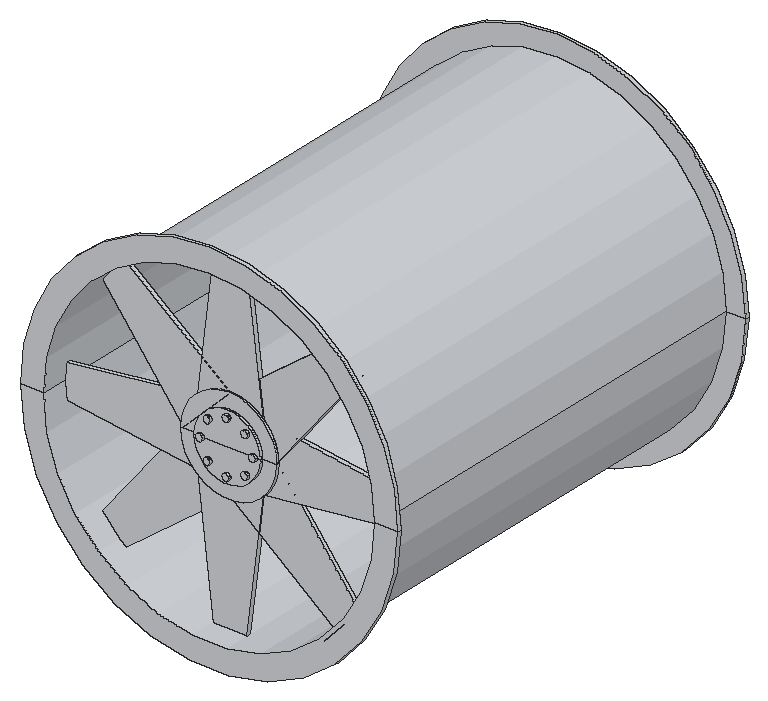
Revit family "CADS_Vent-Axia_MechEquip_Fan_BIFA_500_1Ph4P - EXTRACT", category Mechanical Equipment, Revit 2020
Family settings
  Round Connector Dimension = Use Diameter
  Part Type = Normal
  OmniClass Number = 23.75.00.00
  OmniClass Title = Climate Control (HVAC)
  Work Plane-Based = No
  Always vertical = Yes
  Cut with Voids When Loaded = No
  Shared = No
  Room Calculation Point = No
Parameters (values of type "BIFA501410")
  WorkingPressure = 0.0 Pa
  WarrantyStartDate [instance] = "1900-12-31T23:59:59"
  WarrantyPeriod = ""
  WarrantyIdentifier = "N/A"
  WarrantyGuarantorParts = "tech@vent-axia.com"
  WarrantyGuarantorLabor = "tech@vent-axia.com"
  WarrantyGuarantor = "Vent-Axia Limited"
  WarrantyEndDate [instance] = "1900-12-31T23:59:59"
  WarrantyContent = ""
  TemperatureRange = ""
  TagNumber [instance] = "N/A"
  SustainabilityPerformance = ""
  Status = "New"
  Size = ""
  Shape = ""
  ServiceLifeType = ""
  ServiceLifeDuration = ""
  SerialNumber [instance] = "N/A"
  ReplacementCost = ""
  RatedVoltage = 0 V
  RatedCurrent = 0 A
  Quantity = 1
  ProductionYear = ""
  PressureCurve = ""
  PowerFactor = ""
  PointOfContact = ""
  NumberOfPoles = 0
  NominalWidth = 500 mm
  NominalLength = 660 mm
  NominalHeight = 500 mm
  NominalFrequencyRange = ""
  NominalDiameter = 500 mm  # constant formula
  ModelReference = "BIF 500MM 1PH 4P 10DEG"
  ModelNumber = "BIFA501410"
  Material = ""
  ManufacturerE-Mail = "tech@vent-axia.com"
  ManufacturerAddress = "Fleming Way\nCrawley \nRH10 9YX"
  IsExtendedWarranty = no
  InsulationStandardClass = ""
  InstallationDate [instance] = "1900-12-31T23:59:59"
  IfcExportType [instance] = ""
  IfcExportAs = "IfcFanType"
  IP_Code = ""
  HasProtectiveEarth = no
  GrossWeight = 0.00 kg
  Grade = ""
  GlobalTradeItemNumber [instance] = "N/A"
  Fitting Type = "Ignore"
  Finish = ""
  Features = ""
  ExteriorInsulation = no
  ExpectedServiceLife = 0
  Exclusions = ""
  DurationUnit = "Year"
  Default Elevation = 0 mm
  Constituents = ""
  ConductorFunction = ""
  Color = ""
  CodePerformance = ""
  Category = ""
  CADS_Usage = 0
  CADS_Index = 0
  Blade Diam = NominalDiameter - 5 mm  # 495 mm
  AssetType = "FIXED"
  AssetIdentifier [instance] = "N/A"
  AssemblyPlace = "UNKNOWN"
  ArticleNumber [instance] = "N/A"
  AirflowRateRange = 0.0 L/s
  Air Flow [instance] = 0.0 L/s
  AccessibilityPerformance = ""
Types (16, lengths in mm): name | ModelReference | ModelNumber
  BIFA501410 | "BIF 500MM 1PH 4P 10DEG" | "BIFA501410"
  BIFA501412 | "BIF 500MM 1PH 4P 12DEG" | "BIFA501412"
  BIFA501414 | "BIF 500MM 1PH 4P 14DEG" | "BIFA501414"
  BIFA501416 | "BIF 500MM 1PH 4P 16DEG" | "BIFA501416"
  BIFA501418 | "BIF 500MM 1PH 4P 18DEG" | "BIFA501418"
  BIFA501420 | "BIF 500MM 1PH 4P 20DEG" | "BIFA501420"
  BIFA501422 | "BIF 500MM 1PH 4P 22DEG" | "BIFA501422"
  BIFA501424 | "BIF 500MM 1PH 4P 24DEG" | "BIFA501424"
  BIFA501426 | "BIF 500MM 1PH 4P 26DEG" | "BIFA501426"
  BIFA501428 | "BIF 500MM 1PH 4P 28DEG" | "BIFA501428"
  BIFA501430 | "BIF 500MM 1PH 4P 30DEG" | "BIFA501430"
  BIFA501432 | "BIF 500MM 1PH 4P 32DEG" | "BIFA501432"
  BIFA501434 | "BIF 500MM 1PH 4P 34DEG" | "BIFA501434"
  BIFA501436 | "BIF 500MM 1PH 4P 36DEG" | "BIFA501436"
  BIFA501438 | "BIF 500MM 1PH 4P 38DEG" | "BIFA501438"
  BIFA501440 | "BIF 500MM 1PH 4P 40DEG" | "BIFA501440"
Reference planes
  plane 1 "Center (Front/Back)": y = 0
  plane 2: z = 0
  plane 3 "Center (Left/Right)": x = 0
  plane 4: x = -250
  plane 5: x = 250
  plane 6 "F": y = -330
  plane 7 "B": y = 330
  plane 8: x = -285
  plane 9: y = 325
  plane 10: y = -325
  plane 11: x = -255
  plane 12: y = -290
Forms (mm)
  Revolve 1, solid
    sketch origin (0, 0, 0) x (1, 0, 0) y (0, 1, 0)
      loop
        line (-285, -330) -> (-250, -330) -> (-250, 330) -> (-285, 330) -> (-285, 325) -> (-255, 325) -> (-255, -325) -> (-285, -325) -> (-285, -330)
      axis (0, 330) -> (0, -330)
    angle from 0 to 360
Dimensions and locks
  equal spacing: plane 4, plane 3 "Center (Left/Right)", plane 5
  equal spacing: plane 7 "B", plane 1 "Center (Front/Back)", plane 6 "F"
  "NominalLength": plane 7 "B" to plane 6 "F"
  "NominalDiameter": plane 4 to plane 5
  locked: plane 11 to plane 4 at 5
  locked: plane 8 to plane 11 at 30
  locked: plane 6 "F" to plane 10 at 5
  locked: plane 7 "B" to plane 9 at 5
  locked: plane 6 "F" to plane 12 at 40
  aligned and locked: level to plane 2
  aligned and locked: nested 1 to plane 12
Automatic sketch dimensions
  plane 6 "F" to Revolve 1 sketch curve = 0 mm
  Revolve 1 sketch curve to plane 8 = 0 mm  (x2)
  plane 10 to Revolve 1 sketch curve = 0 mm
  Revolve 1 sketch curve to plane 11 = 0 mm
  Revolve 1 sketch curve to plane 4 = 0 mm
  Revolve 1 sketch curve to plane 3 "Center (Left/Right)" = 0 mm
  plane 1 "Center (Front/Back)" to Revolve 1 sketch curve = 0 mm
  Revolve 1 sketch curve to plane 9 = 0 mm
  Revolve 1 sketch curve to plane 7 "B" = 0 mm
  plane 6 "F" to Revolve 1 sketch curve = 115 mm
Nested families
  nested 1: "Fan for BIFA" at (0, -290, 0), ND <- "NominalDiameter", type "Fan for BIFA"
    with hub 50 mm, ND 500 mm, BoltPCD 40 mm, Bolt Count 8, B_Diam 10 mm
  nested 2: "Bolts" at (0, -299.172, -40) x (-1, 0, 0) z (0, 1, 0), type "Bolts"
    with bd 10 mm
  nested 3: "Bolts" at (-28.284, -299.172, -28.284) x (-0.7071, 0, 0.7071) z (0, 1, 0), type "Bolts"
    with bd 10 mm
  nested 4: "Bolts" at (-40, -299.172, 0) x (0, 0, 1) z (0, 1, 0), type "Bolts"
    with bd 10 mm
  nested 5: "Bolts" at (-28.284, -299.172, 28.284) x (0.7071, 0, 0.7071) z (0, 1, 0), type "Bolts"
    with bd 10 mm
  nested 6: "Bolts" at (28.284, -299.172, 28.284) x (0.7071, 0, -0.7071) z (0, 1, 0), type "Bolts"
    with bd 10 mm
  nested 7: "Bolts" at (0, -299.172, 40) x (1, 0, 0) z (0, 1, 0), type "Bolts"
    with bd 10 mm
  nested 8: "BIFA Blade" at (0, -290, 0), type "BIFA Blade"
    with a 20.00°, HR 50 mm, HD 100 mm, BT 50 mm, BR 200 mm, BH 40 mm, BD 500 mm, BB 100 mm
  nested 9: "BIFA Blade" at (0, -290, 0) x (0.7071, 0, -0.7071) z (0.7071, 0, 0.7071), type "BIFA Blade"
    with a 20.00°, HR 50 mm, HD 100 mm, BT 50 mm, BR 200 mm, BH 40 mm, BD 500 mm, BB 100 mm
  nested 10: "BIFA Blade" at (0, -290, 0) x (0, 0, -1) z (1, 0, 0), type "BIFA Blade"
    with a 20.00°, HR 50 mm, HD 100 mm, BT 50 mm, BR 200 mm, BH 40 mm, BD 500 mm, BB 100 mm
  nested 11: "BIFA Blade" at (0, -290, 0) x (-0.7071, 0, -0.7071) z (0.7071, 0, -0.7071), type "BIFA Blade"
    with a 20.00°, HR 50 mm, HD 100 mm, BT 50 mm, BR 200 mm, BH 40 mm, BD 500 mm, BB 100 mm
  nested 12: "BIFA Blade" at (0, -290, 0) x (-1, 0, 0) z (0, 0, -1), type "BIFA Blade"
    with a 20.00°, HR 50 mm, HD 100 mm, BT 50 mm, BR 200 mm, BH 40 mm, BD 500 mm, BB 100 mm
  nested 13: "BIFA Blade" at (0, -290, 0) x (-0.7071, 0, -0.7071) z (-0.7071, 0, 0.7071), type "BIFA Blade"
    with a 20.00°, HR 50 mm, HD 100 mm, BT 50 mm, BR 200 mm, BH 40 mm, BD 500 mm, BB 100 mm
  nested 14: "BIFA Blade" at (0, -290, 0) x (0, 0, -1) z (-1, 0, 0), type "BIFA Blade"
    with a 20.00°, HR 50 mm, HD 100 mm, BT 50 mm, BR 200 mm, BH 40 mm, BD 500 mm, BB 100 mm
  nested 15: "BIFA Blade" at (0, -290, 0) x (0.7071, 0, -0.7071) z (-0.7071, 0, -0.7071), type "BIFA Blade"
    with a 20.00°, HR 50 mm, HD 100 mm, BT 50 mm, BR 200 mm, BH 40 mm, BD 500 mm, BB 100 mm
  nested 16: "Bolts" at (40, -299.172, 0) x (0, 0, -1) z (0, 1, 0), type "Bolts"
    with bd 10 mm
  nested 17: "Bolts" at (28.284, -299.172, -28.284) x (-0.7071, 0, -0.7071) z (0, 1, 0), type "Bolts"
    with bd 10 mm
Connectors
  hvac at (0, -330, 0), driven by "NominalDiameter", driven by "Air Flow"
    settings: on Revolve 1, index 1, duct flow 0.0 L/s, flow factor 0, pres drop 0.0 Pa, loss coef 0, conn angle 0.00°, conn width 304.8 mm, conn height 304.8 mm, conn diameter 500 mm, duct sys type 2, conn prof type 0, flow config 0, flow direction 1, loss method 0, conn ref index -1, conn util no, is conn primary yes, conn desc ""
  hvac at (0, 330, 0), driven by "NominalDiameter", driven by "Air Flow"
    settings: on Revolve 1, index 2, duct flow 0.0 L/s, flow factor 0, pres drop 0.0 Pa, loss coef 0, conn angle 0.00°, conn width 304.8 mm, conn height 304.8 mm, conn diameter 500 mm, duct sys type 3, conn prof type 0, flow config 1, flow direction 2, loss method 0, conn ref index -1, conn util no, is conn primary no, conn desc ""
Definition of nested family "Fan for BIFA"
  Parameters (values of type "Fan for BIFA")
    hub [instance] = ND / 10  # 50 mm
    ND [instance] = 500 mm
    Model = "."
    Default Elevation = 0 mm
    BoltPCD [instance] = hub - (hub * 0.2)  # 40 mm
    Bolt Count [instance] = if(hub < 50 mm, 6, 8)  # 8
    B_Diam [instance] = if(hub < 50 mm, 5 mm, 10 mm)  # 10 mm
  Reference planes
    plane 1 "Center (Front/Back)": y = 0
    plane 2: z = 0
    plane 3 "Center (Left/Right)": x = 0
    plane 4 "back": y = 20
    plane 5 "bolts": y = -9.172
    plane 6 "B": z = 50
    plane 7: x = -72.587
    plane 8: x = -50
    plane 9 "hubface": y = -6.172
  Forms (mm)
    Revolve 1, solid
      sketch origin (0, 0, 0) x (1, 0, 0) y (0, 1, 0)
        loop
          line (0, 20) -> (-50, 20) -> (-50, 10.504) -> (-72.587, 10.504) -> (-72.587, -2.597) -> (-50, -2.597) -> (-50, -6.172) -> (0, -6.172) -> (0, 20)
        axis (0, 20) -> (0, -6.172)
      angle from 0 to 360
    Extrusion 2, solid, not visible
      sketch origin (0, -6.347, -4) x (-1, 0, 0) y (0, 0, 1)
        loop
          circle (0, 84) r 5
      from 0 to 3
  Lines and regions (mm)
    symbolic lines
      curve 1: circle (0, -9.172, 0) r 40 normal (0, 1, 0)
    model lines, not visible
      curve 2: line (0, -6.347, 85) -> (0, -6.347, 75)
  Dimensions and locks
    "hub": plane 6 "B" to plane 2
    "hub": nested 3 to plane 3 "Center (Left/Right)"
    "hub": nested 4 to plane 3 "Center (Left/Right)"
    "hub": nested 5 to plane 3 "Center (Left/Right)"
    "hub": plane 3 "Center (Left/Right)" to nested 6
    "hub": Revolve 1 sketch curve to Revolve 1 sketch curve
    "hub": plane 3 "Center (Left/Right)" to nested 7
    "hub": plane 3 "Center (Left/Right)" to nested 8
    "hub": plane 3 "Center (Left/Right)" to nested 9
    "hub": plane 8 to plane 3 "Center (Left/Right)"
    plane 7 to plane 8 = 22.587 mm
    diameter of Extrusion 2 sketch curve = 10 mm
    "BoltPCD": radius of curve 1
    "BoltPCD": radius of radial array
    aligned and locked: level to plane 2
    aligned and locked: plane 6 "B" to nested 1
  Automatic sketch dimensions
    Revolve 1 sketch curve to plane 7 = 0 mm
    Revolve 1 sketch curve to plane 8 = 0 mm  (x2)
    Revolve 1 sketch curve to plane 3 "Center (Left/Right)" = 0 mm
    Revolve 1 sketch curve to plane 9 "hubface" = 0 mm
    plane 4 "back" to Revolve 1 sketch curve = 0 mm
    plane 1 "Center (Front/Back)" to Revolve 1 sketch curve = 2.597 mm
    plane 4 "back" to Revolve 1 sketch curve = 9.496 mm
    plane 4 "back" to Revolve 1 sketch curve = 5 mm
    Revolve 1 sketch curve to Revolve 1 sketch curve = 45 mm
    curve 1 to level = 0 mm
    curve 1 to plane 3 "Center (Left/Right)" = 0 mm
  Nested families
    nested 1: "BIFA Blade" at (0, 0, 25), BD <- "ND", HD <- "hub", type "BIFA Blade"
      with a 20.00°, HR 25 mm, HD 50 mm, BT 25 mm, BR 100 mm, BH 40 mm, BD 250 mm, BB 50 mm
    nested 2: "BIFA Blade" at (0, 0, 55), BD <- "ND", HD <- "hub", type "BIFA Blade", not visible
      with a 20.00°, HR 25 mm, HD 50 mm, BT 25 mm, BR 100 mm, BH 40 mm, BD 250 mm, BB 50 mm
    nested 3: "BIFA Blade" at (17.678, 0, 17.678) x (0.7071, 0, -0.7071) z (0.7071, 0, 0.7071), BD <- "ND", HD <- "hub", type "BIFA Blade"
      with a 20.00°, HR 25 mm, HD 50 mm, BT 25 mm, BR 100 mm, BH 40 mm, BD 250 mm, BB 50 mm
    nested 4: "BIFA Blade" at (25, 0, 0) x (0, 0, -1) z (1, 0, 0), BD <- "ND", HD <- "hub", type "BIFA Blade"
      with a 20.00°, HR 25 mm, HD 50 mm, BT 25 mm, BR 100 mm, BH 40 mm, BD 250 mm, BB 50 mm
    nested 5: "BIFA Blade" at (17.678, 0, -17.678) x (-0.7071, 0, -0.7071) z (0.7071, 0, -0.7071), BD <- "ND", HD <- "hub", type "BIFA Blade"
      with a 20.00°, HR 25 mm, HD 50 mm, BT 25 mm, BR 100 mm, BH 40 mm, BD 250 mm, BB 50 mm
    nested 6: "BIFA Blade" at (0, 0, -25) x (-1, 0, 0) z (0, 0, -1), BD <- "ND", HD <- "hub", type "BIFA Blade"
      with a 20.00°, HR 25 mm, HD 50 mm, BT 25 mm, BR 100 mm, BH 40 mm, BD 250 mm, BB 50 mm
    nested 7: "BIFA Blade" at (-17.678, 0, 17.678) x (-0.7071, 0, -0.7071) z (-0.7071, 0, 0.7071), BD <- "ND", HD <- "hub", type "BIFA Blade"
      with a 20.00°, HR 25 mm, HD 50 mm, BT 25 mm, BR 100 mm, BH 40 mm, BD 250 mm, BB 50 mm
    nested 8: "BIFA Blade" at (-25, 0, 0) x (0, 0, -1) z (-1, 0, 0), BD <- "ND", HD <- "hub", type "BIFA Blade"
      with a 20.00°, HR 25 mm, HD 50 mm, BT 25 mm, BR 100 mm, BH 40 mm, BD 250 mm, BB 50 mm
    nested 9: "BIFA Blade" at (-17.678, 0, -17.678) x (0.7071, 0, -0.7071) z (-0.7071, 0, -0.7071), BD <- "ND", HD <- "hub", type "BIFA Blade"
      with a 20.00°, HR 25 mm, HD 50 mm, BT 25 mm, BR 100 mm, BH 40 mm, BD 250 mm, BB 50 mm
    nested 10: "Bolts" at (0, -9.172, 40) x (1, 0, 0) z (0, 1, 0), bd <- "B_Diam", type "Bolts"
      with bd 10 mm
    nested 11: "Bolts" at (28.284, -9.172, 28.284) x (0.7071, 0, -0.7071) z (0, 1, 0), bd <- "B_Diam", type "Bolts"
      with bd 10 mm
    nested 12: "Bolts" at (-28.284, -9.172, 28.284) x (0.7071, 0, 0.7071) z (0, 1, 0), bd <- "B_Diam", type "Bolts"
      with bd 10 mm
    nested 13: "Bolts" at (-40, -9.172, 0) x (0, 0, 1) z (0, 1, 0), bd <- "B_Diam", type "Bolts"
      with bd 10 mm
    nested 14: "Bolts" at (-28.284, -9.172, -28.284) x (-0.7071, 0, 0.7071) z (0, 1, 0), bd <- "B_Diam", type "Bolts"
      with bd 10 mm
    nested 15: "Bolts" at (0, -9.172, -40) x (-1, 0, 0) z (0, 1, 0), bd <- "B_Diam", type "Bolts"
      with bd 10 mm
    nested 16: "Bolts" at (28.284, -9.172, -28.284) x (-0.7071, 0, -0.7071) z (0, 1, 0), bd <- "B_Diam", type "Bolts"
      with bd 10 mm
    nested 17: "Bolts" at (40, -9.172, 0) x (0, 0, -1) z (0, 1, 0), bd <- "B_Diam", type "Bolts"
      with bd 10 mm
  Definition of nested family "BIFA Blade"
    Parameters (values of type "BIFA Blade")
      a [instance] = 20.00°
      HR [instance] = HD / 2  # 30 mm
      HD [instance] = BD / 5  # 60 mm
      Default Elevation = 1219.2 mm
      BT [instance] = BD / 10  # 30 mm
      BR [instance] = (BD / 2) - HR  # 120 mm
      BH [instance] = 40 mm
      BD [instance] = 300 mm
      BB [instance] = BD / 5  # 60 mm
    Reference planes
      plane 1 "Center (Front/Back)": y = 0
      plane 2: z = 0
      plane 3 "Center (Left/Right)": x = 0
      plane 4 "Blade Bot": z = 30
      plane 5: x = -30
      plane 6: x = 30
      plane 7: x = -15
      plane 8: x = 15
    Forms (mm)
      Blend 1, solid
        base sketch origin (0, 0, 30) x (-1, 0, 0) y (0, -1, 0)
          loop
            line (30, 0) -> (-30, 0) -> (-30, -6) -> (30, -6) -> (30, 0)
        top sketch origin (0, 0, 30) x (-1, 0, 0) y (0, -1, 0)
          loop
            line (15, -6) -> (15, 0) -> (-15, 0) -> (-15, -6) -> (15, -6)
        from 0 to 120 <- "BR"
    Dimensions and locks
      "HR": plane 4 "Blade Bot" to level
      equal spacing: plane 8, plane 3 "Center (Left/Right)", plane 7
      "BT": plane 8 to plane 7
      equal spacing: plane 6, plane 3 "Center (Left/Right)", plane 5
      "BB": plane 6 to plane 5
      aligned and locked: level to plane 2
    Automatic sketch dimensions
      plane 1 "Center (Front/Back)" to Blend 1 sketch curve = 0 mm  (x2)
      Blend 1 sketch curve to plane 6 = 0 mm
      Blend 1 sketch curve to plane 5 = 0 mm
      Blend 1 sketch curve to plane 1 "Center (Front/Back)" = 6 mm  (x2)
      Blend 1 sketch curve to plane 8 = 0 mm
      Blend 1 sketch curve to plane 7 = 0 mm
  Definition of nested family "Bolts"
    Parameters
      bd [instance] = 10 mm
      Default Elevation = 1219.2 mm
    Reference planes
      plane 1 "Center (Front/Back)": y = 0
      plane 2: z = 0
      plane 3 "Center (Left/Right)": x = 0
    Forms (mm)
      Extrusion 1, solid
        sketch origin (0, 0, 0) x (1, 0, 0) y (0, 1, 0)
          loop
            line (-1219.2, 1219.2) -> (-1219.2, -1219.2) -> (1219.2, -1219.2) -> (1219.2, 1219.2) -> (-1219.2, 1219.2)
        from 0 to -304.8
      Extrusion 2, solid
        sketch origin (0, 0, 0) x (1, 0, 0) y (0, 1, 0)
          loop
            circle (0, 0) r 5
        from 0 to 3
    Dimensions and locks
      "bd": diameter of Extrusion 2 sketch curve
      aligned and locked: plane 2 to Extrusion 1
      aligned and locked: level to Extrusion 1
    Automatic sketch dimensions
      Extrusion 1 sketch curve to Extrusion 1 sketch curve = 2438.4 mm  (x2)
      plane 1 "Center (Front/Back)" to Extrusion 2 sketch curve = 0 mm
      Extrusion 2 sketch curve to plane 3 "Center (Left/Right)" = 0 mm
Definition of nested family "Bolts"
  Parameters
    bd [instance] = 10 mm
    Default Elevation = 1219.2 mm
  Reference planes
    plane 1 "Center (Front/Back)": y = 0
    plane 2: z = 0
    plane 3 "Center (Left/Right)": x = 0
  Forms (mm)
    Extrusion 1, solid
      sketch origin (0, 0, 0) x (1, 0, 0) y (0, 1, 0)
        loop
          line (-1219.2, 1219.2) -> (-1219.2, -1219.2) -> (1219.2, -1219.2) -> (1219.2, 1219.2) -> (-1219.2, 1219.2)
      from 0 to -304.8
    Extrusion 2, solid
      sketch origin (0, 0, 0) x (1, 0, 0) y (0, 1, 0)
        loop
          circle (0, 0) r 5
      from 0 to 3
  Dimensions and locks
    "bd": diameter of Extrusion 2 sketch curve
    aligned and locked: plane 2 to Extrusion 1
    aligned and locked: level to Extrusion 1
  Automatic sketch dimensions
    Extrusion 1 sketch curve to Extrusion 1 sketch curve = 2438.4 mm  (x2)
    plane 1 "Center (Front/Back)" to Extrusion 2 sketch curve = 0 mm
    Extrusion 2 sketch curve to plane 3 "Center (Left/Right)" = 0 mm
Definition of nested family "BIFA Blade"
  Parameters (values of type "BIFA Blade")
    a [instance] = 20.00°
    HR [instance] = HD / 2  # 30 mm
    HD [instance] = BD / 5  # 60 mm
    Default Elevation = 1219.2 mm
    BT [instance] = BD / 10  # 30 mm
    BR [instance] = (BD / 2) - HR  # 120 mm
    BH [instance] = 40 mm
    BD [instance] = 300 mm
    BB [instance] = BD / 5  # 60 mm
  Reference planes
    plane 1 "Center (Front/Back)": y = 0
    plane 2: z = 0
    plane 3 "Center (Left/Right)": x = 0
    plane 4 "Blade Bot": z = 30
    plane 5: x = -30
    plane 6: x = 30
    plane 7: x = -15
    plane 8: x = 15
  Forms (mm)
    Blend 1, solid
      base sketch origin (0, 0, 30) x (-1, 0, 0) y (0, -1, 0)
        loop
          line (30, 0) -> (-30, 0) -> (-30, -6) -> (30, -6) -> (30, 0)
      top sketch origin (0, 0, 30) x (-1, 0, 0) y (0, -1, 0)
        loop
          line (15, -6) -> (15, 0) -> (-15, 0) -> (-15, -6) -> (15, -6)
      from 0 to 120 <- "BR"
  Dimensions and locks
    "HR": plane 4 "Blade Bot" to level
    equal spacing: plane 8, plane 3 "Center (Left/Right)", plane 7
    "BT": plane 8 to plane 7
    equal spacing: plane 6, plane 3 "Center (Left/Right)", plane 5
    "BB": plane 6 to plane 5
    aligned and locked: level to plane 2
  Automatic sketch dimensions
    plane 1 "Center (Front/Back)" to Blend 1 sketch curve = 0 mm  (x2)
    Blend 1 sketch curve to plane 6 = 0 mm
    Blend 1 sketch curve to plane 5 = 0 mm
    Blend 1 sketch curve to plane 1 "Center (Front/Back)" = 6 mm  (x2)
    Blend 1 sketch curve to plane 8 = 0 mm
    Blend 1 sketch curve to plane 7 = 0 mm
